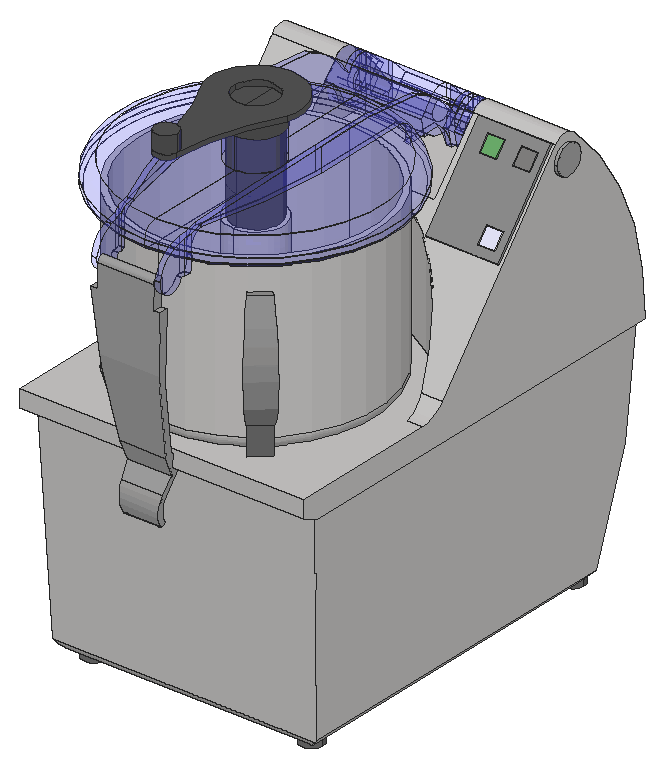
Revit family "QF_ELECTROLUXPROFESSIONAL_600545_K45YVVG", category Specialty Equipment, Revit 2018
Family settings
  Round Connector Dimension = Use Diameter
  Part Type = Normal
  Work Plane-Based = No
  Always vertical = Yes
  Cut with Voids When Loaded = No
  Shared = No
  Room Calculation Point = No
Parameters (values of type "Standard")
  Weight = 22.00 kg
  Watts = 0 W
  Volts = 200 V
  URL Manufacturer = "http://professional.electrolux.com"
  URL = "http://professional.electrolux.com"
  Steam Supply Size = 0 mm
  Steam Supply Minimum Pressure = 0.0 Pa
  Steam Supply Maximum Pressure = 0.0 Pa
  Steam Pounds per Hour = 0
  Refrigeration Suction Line Size = 0.0 mm
  Refrigeration Liquid Line Size = 0.0 mm
  Refrigerant Compressor Remote = yes
  Manufacturer = "Electrolux Professional"
  Phase = 1
  Model = "K45YVVG"
  Length Actual = 256.0 mm  # constant formula
  Item Number = "600545"
  Hot Water Size = 0 mm
  Height Actual = 482.0 mm  # constant formula
  HP = "1.3 HP"
  Gas Size = 0 mm
  Gas KW = 0
  Gas Input Pressure = 0 W
  Direct Waste Size = 0 mm
  Description = "CUTTER-MIXER 4.5L-MICROTOOTHED BLADE-VARIAB.SPEED-1000W-200-240V/1N/50-60 CB APPROVED, UK PLUG SASO"
  Depth Actual = 415.0 mm  # constant formula
  Cycle = 50 Hz
  Condensate Return Size = 0 mm
  Compressed Air Volume = 0.0 L/s
  Compressed Air Size = 0 mm
  Compressed Air Pressure = 0.0 Pa
  Cold Water Size = 0 mm
  Accessory = yes
Reference planes
  plane 1 "Center (Front/Back)": y = 0
  plane 2: z = 0
  plane 3 "Center (Left/Right)": x = 0
  plane 4 "BASE": z = 6
  plane 5 "TOP": z = 685
  plane 6 "FRONT": y = -207.5
  plane 7 "BACK": y = 207.5
  plane 8 "LEFT": x = -128
  plane 9 "RIGHT": x = 128
  plane 10 "CenterX": x = -10
  plane 11 "Maniglia": through (-10, -59.177, 4000) normal (0.766, 0.6428, 0)
  plane 12 "Panel": through (4267.2, 107.252, 388.448) normal (0, 0.766, -0.6428)
  plane 13: z = 470
Forms (mm)
  Extrusion 1, solid, material "QF_Finishes_Stainless Steel"
    sketch origin (0, 0, 0) x (0, 1, 0) y (0, 0, 1)
      loop
        arc (155.897, 6) -> (160.37, 10.596) -> (163.359, 16.27) r 22.417
        arc (163.359, 16.27) -> (192.273, 107.896) -> (201.98, 203.483) r 470.678
        line (201.98, 203.483) -> (-161.42, 203.483)
        arc (-161.42, 203.483) -> (-159.547, 108.877) -> (-151.391, 14.604) r 1423.016
        arc (-151.391, 14.604) -> (-146.603, 8.365) -> (-139.103, 6) r 13.076
        line (-139.103, 6) -> (155.897, 6)
    from -128 to 128
  Extrusion 2, void
    sketch origin (0, -207.5, 0) x (-1, 0, 0) y (0, 0, 1)
      loop
        line (128, 203.483) -> (125, 203.483) -> (119.389, 16.27) -> (109.119, 6) -> (128, 6) -> (128, 203.483)
      loop
        line (-128, 203.483) -> (-128, 6) -> (-109.119, 6) -> (-119.389, 16.27) -> (-125, 203.483) -> (-128, 203.483)
    from 14.374 to 435.947
  Extrusion 3, solid, material "QF_Finishes_Stainless Steel"
    sketch origin (0, 0, 0) x (0, 1, 0) y (0, 0, 1)
      loop
        arc (207.5, 203.483) -> (187.745, 305.45) -> (127.203, 389.844) r 242.898
        arc (127.203, 389.844) -> (116.931, 393.38) -> (107.252, 388.448) r 13.902
        line (107.252, 388.448) -> (-20.106, 236.67)
        arc (-20.106, 236.67) -> (-30.264, 228.875) -> (-42.764, 226.104) r 29.578
        line (-42.764, 226.104) -> (-177.764, 226.104) -> (-177.764, 211.104) -> (-161.42, 203.483) -> (207.5, 203.483)
    from -128 to 128
  Extrusion 4, void
    sketch origin (0, -207.5, 0) x (-1, 0, 0) y (0, 0, 1)
      loop
        line (-53.607, 393.414) -> (-53.607, 336.684) -> (71.073, 336.684) -> (71.073, 393.414) -> (-53.607, 393.414)
    from 255.469 to 415
  Revolve 5, solid, material "QF_Plastic-Black"
    sketch origin (-10, 0, 0) x (0, -1, 0) y (0, 0, 1)
      loop
        line (59.177, 450.527) -> (28.516, 450.527) -> (35.424, 443.619) -> (35.424, 430.527) -> (38.194, 430.527) -> (38.194, 356.104) -> (59.177, 356.104) -> (59.177, 450.527)
      axis (59.177, 356.104) -> (59.177, 450.527)
    angle from 0 to 360
  Extrusion 6, solid, material "QF_Plastic-Black"
    sketch origin (0, 0, 0) x (1, 0, 0) y (0, 1, 0)
      loop
        arc (-48.167, -71.147) -> (-28.951, -114.517) -> (-19.956, -161.093) r 210.055
        arc (-19.956, -161.093) -> (-10, -170.155) -> (-0.044, -161.093) r 10
        arc (-0.044, -161.093) -> (8.951, -114.517) -> (28.167, -71.147) r 210.055
        arc (28.167, -71.147) -> (-10, -19.177) -> (-48.167, -71.147) r 40
    from 450.5 to 455
  Extrusion 7, solid, material "QF_Plastic-Black"
    sketch origin (0, 0, 0) x (1, 0, 0) y (0, 1, 0)
      loop
        circle (-10, -160.155) r 10
    from 455 to 470
  Extrusion 8, void
    sketch origin (0, 0, 0) x (1, 0, 0) y (0, 1, 0)
      loop
        circle (-10, -59.177) r 19
    from 427.6 to 472.8
  Extrusion 9, void
    sketch origin (0, 0, 0) x (1, 0, 0) y (0, 1, 0)
      loop
        arc (115, -59.177) -> (-10, 65.823) -> (-135, -59.177) r 125
        line (-135, -59.177) -> (115, -59.177)
    from 226.104 to 336.684
  Extrusion 10, void
    sketch origin (-20, 0, 0) x (-1, 0, 0) y (0, -1, 0)
      loop
        line (16.15, 177.864) -> (16.15, -123.86) -> (35.771, -123.86) -> (35.771, 48.192)
        arc (35.771, 48.192) -> (30.047, 105.502) -> (17.781, 161.776) r 500.876
        line (17.781, 161.776) -> (17.781, 171.776) -> (16.15, 177.864)
      loop
        line (40.771, -123.86) -> (45.852, -123.86) -> (45.852, 210.681) -> (21.15, 210.681) -> (21.15, 178.522) -> (22.781, 172.434) -> (22.781, 162.459)
        arc (22.781, 162.459) -> (35.047, 105.893) -> (40.771, 48.297) r 505.876
        line (40.771, 48.297) -> (40.771, -123.86)
    from 350.345 to 477.521
  Extrusion 11, solid, material "Glass"
    sketch origin (-20, 0, 0) x (0, 1, 0) y (0, 0, -1)
      loop
        line (-173.064, -369.647) -> (-181.303, -369.647)
        arc (-181.303, -369.647) -> (-196.341, -361.818) -> (-205.451, -376.117) r 12.548
        arc (-205.451, -376.117) -> (-199.87, -388.651) -> (-189.058, -397.099) r 28.357
        arc (-189.058, -397.099) -> (-65.868, -423.241) -> (59.99, -418.888) r 518.061
        arc (59.99, -418.888) -> (85.116, -404.522) -> (104.437, -382.973) r 90.696
        arc (104.437, -382.973) -> (113.885, -392.821) -> (127.203, -389.844) r 13.902
        arc (127.203, -389.844) -> (135.322, -382.188) -> (143.082, -374.167) r 242.898
        line (143.082, -374.167) -> (137.378, -368.464)
        arc (137.378, -368.464) -> (123.613, -353.84) -> (104.088, -358.543) r 20
        line (104.088, -358.543) -> (99.34, -358.543)
        arc (99.34, -358.543) -> (94.194, -371.609) -> (85.823, -382.884) r 53.446
        line (85.823, -382.884) -> (50.823, -382.884)
        arc (50.823, -382.884) -> (52.796, -383.701) -> (53.614, -385.674) r 2.79
        line (53.614, -385.674) -> (53.614, -390.892)
        arc (53.614, -390.892) -> (50.154, -399.244) -> (41.802, -402.703) r 11.812
        line (41.802, -402.703) -> (-160.307, -402.703)
        arc (-160.307, -402.703) -> (-168.659, -399.244) -> (-172.119, -390.892) r 11.812
        line (-172.119, -390.892) -> (-172.119, -385.826)
        arc (-172.119, -385.826) -> (-171.728, -384.361) -> (-170.659, -383.285) r 2.942
        line (-170.659, -383.285) -> (-173.064, -369.647)
      loop
        circle (117.901, -373.007) r 9.416
    from 16.15 to 45.852
  Extrusion 12, solid, material "Glass"
    sketch origin (0, 0, 0) x (0, 1, 0) y (0, 0, 1)
      loop
        line (137.378, 368.464) -> (143.082, 374.167)
        arc (143.082, 374.167) -> (135.322, 382.188) -> (127.203, 389.844) r 242.898
        arc (127.203, 389.844) -> (116.931, 393.38) -> (107.252, 388.448) r 13.902
        line (107.252, 388.448) -> (95.766, 374.76)
        arc (95.766, 374.76) -> (97.862, 366.72) -> (99.34, 358.543) r 108.872
        line (99.34, 358.543) -> (104.088, 358.543)
        arc (104.088, 358.543) -> (123.613, 353.84) -> (137.378, 368.464) r 20
      loop
        circle (117.901, 373.007) r 9.416
    from -71.073 to 53.607
  Extrusion 13, solid, material "QF_Finishes_Gray"
    sketch origin (0, 0, 0) x (0, 1, 0) y (0, 0, 1)
      loop
        arc (-182.273, 168.111) -> (-185.377, 178.111) -> (-182.273, 188.111) r 17.658
        line (-182.273, 188.111) -> (-169.592, 207.294) -> (-177.764, 211.104) -> (-177.764, 222.201) -> (-180.378, 224.815)
        arc (-180.378, 224.815) -> (-194.973, 298.318) -> (-196.805, 373.235) r 437.299
        arc (-196.805, 373.235) -> (-201.296, 377.726) -> (-205.788, 373.235) r 4.491
        arc (-205.788, 373.235) -> (-201.07, 296.739) -> (-185.461, 221.705) r 534.528
        line (-185.461, 221.705) -> (-177.764, 203.503) -> (-186.394, 190.943)
        arc (-186.394, 190.943) -> (-190.377, 178.111) -> (-186.394, 165.28) r 22.658
        arc (-186.394, 165.28) -> (-182.917, 164.635) -> (-182.273, 168.111) r 2.5
    from -49.646 to 27.326
  Extrusion 14, void
    sketch origin (0, -207.5, 0) x (-1, 0, 0) y (0, 0, 1)
      loop
        line (-15.15, 396.938) -> (-47.326, 396.938) -> (-47.326, 161.938) -> (-5.366, 161.938) -> (-20.516, 351.652) -> (-15.15, 351.652) -> (-15.15, 396.938)
      loop
        line (26.963, 161.938) -> (77.918, 161.938) -> (77.918, 396.938) -> (35.15, 396.938) -> (35.15, 351.652) -> (42.113, 351.652) -> (26.963, 161.938)
    from 46.08 to -69.339
  Extrusion 15, solid, material "Glass"
    sketch origin (0, 0, 0) x (0, 1, 0) y (0, 0, 1)
      loop
        line (-173.064, 369.647) -> (-170.659, 383.285)
        arc (-170.659, 383.285) -> (-171.728, 384.361) -> (-172.119, 385.826) r 2.942
        line (-172.119, 385.826) -> (-172.119, 390.892)
        arc (-172.119, 390.892) -> (-168.659, 399.244) -> (-160.307, 402.703) r 11.812
        line (-160.307, 402.703) -> (41.802, 402.703)
        arc (41.802, 402.703) -> (50.154, 399.244) -> (53.614, 390.892) r 11.812
        line (53.614, 390.892) -> (53.614, 385.674)
        arc (53.614, 385.674) -> (52.796, 383.701) -> (50.823, 382.884) r 2.79
        line (50.823, 382.884) -> (85.823, 382.884)
        arc (85.823, 382.884) -> (94.194, 371.609) -> (99.34, 358.543) r 53.446
        line (99.34, 358.543) -> (104.088, 358.543)
        arc (104.088, 358.543) -> (123.613, 353.84) -> (137.378, 368.464) r 20
        line (137.378, 368.464) -> (143.082, 374.167)
        arc (143.082, 374.167) -> (135.322, 382.188) -> (127.203, 389.844) r 242.898
        arc (127.203, 389.844) -> (113.885, 392.821) -> (104.437, 382.973) r 13.902
        arc (104.437, 382.973) -> (85.116, 404.522) -> (59.99, 418.888) r 90.696
        arc (59.99, 418.888) -> (-65.868, 423.241) -> (-189.058, 397.099) r 518.061
        arc (-189.058, 397.099) -> (-199.87, 388.651) -> (-205.451, 376.117) r 28.357
        arc (-205.451, 376.117) -> (-196.341, 361.818) -> (-181.303, 369.647) r 12.548
        line (-181.303, 369.647) -> (-173.064, 369.647)
      loop
        circle (117.901, 373.007) r 9.416
    from 16.15 to 45.852
  Extrusion 16, void
    sketch origin (0, 0, 0) x (1, 0, 0) y (0, 1, 0)
      loop
        line (16.15, -177.864) -> (17.781, -171.776) -> (17.781, -161.776)
        arc (17.781, -161.776) -> (30.047, -105.502) -> (35.771, -48.192) r 500.876
        line (35.771, -48.192) -> (35.771, 123.86) -> (16.15, 123.86) -> (16.15, -177.864)
      loop
        line (40.771, 123.86) -> (40.771, -48.297)
        arc (40.771, -48.297) -> (35.047, -105.893) -> (22.781, -162.459) r 505.876
        line (22.781, -162.459) -> (22.781, -172.434) -> (21.15, -178.522) -> (21.15, -210.681) -> (45.852, -210.681) -> (45.852, 123.86) -> (40.771, 123.86)
    from 350.345 to 477.521
  Revolve 17, solid, material "Glass"
    sketch origin (-10, 0, -40) x (0, -1, 0) y (0, 0, 1)
      loop
        line (38.194, 422.884) -> (38.194, 470.527) -> (35.424, 470.527) -> (35.424, 442.703) -> (-53.802, 442.703)
        arc (-53.802, 442.703) -> (-62.213, 439.268) -> (-65.732, 430.892) r 11.871
        line (-65.732, 430.892) -> (-65.732, 425.793)
        arc (-65.732, 425.793) -> (-64.88, 423.736) -> (-62.823, 422.884) r 2.909
        line (-62.823, 422.884) -> (38.194, 422.884)
      axis (59.177, 422.884) -> (59.177, 470.527)
    angle from 0 to 360
  Revolve 18, solid, material "QF_Metal-Stainless-Polished"
    sketch origin (-10, 0, 0) x (0, -1, 0) y (0, 0, 1)
      loop
        line (169.177, 382.884) -> (164.177, 382.884) -> (164.177, 237.884)
        arc (164.177, 237.884) -> (162.191, 233.09) -> (157.397, 231.104) r 6.78
        line (157.397, 231.104) -> (84.177, 231.104) -> (84.177, 356.104) -> (79.177, 356.104) -> (79.177, 226.104) -> (157.397, 226.104)
        arc (157.397, 226.104) -> (165.726, 229.554) -> (169.177, 237.884) r 11.78
        line (169.177, 237.884) -> (169.177, 382.884)
      axis (59.177, 382.884) -> (59.177, 226.104)
    angle from 0 to 360
  Extrusion 19, solid, material "QF_Plastic-Gray-Matte"
    sketch origin (-49.423, -13.925, 0) x (0.634002, 0.773331, 0) y (-0.773331, 0.634002, 0)
      loop
        line (-55.497, -222.333) -> (-26.468, -227.794) -> (-20.635, -161.119)
        arc (-20.635, -161.119) -> (-28.727, -159.898) -> (-36.729, -158.185) r 133.529
        line (-36.729, -158.185) -> (-55.497, -222.333)
    from 226.104 to 356.104
  Revolve 20, void
    sketch origin (-35.007, -29.374, 0) x (-0.642788, 0.766044, 0) y (0, 0, 1)
      loop
        arc (-155.215, 337.579) -> (-171.344, 302.579) -> (-155.215, 267.579) r 46.04
        line (-155.215, 267.579) -> (-147.754, 267.579) -> (-147.754, 337.579) -> (-155.215, 337.579)
      loop
        line (-155.215, 356.104) -> (-147.754, 356.104) -> (-147.754, 361.761) -> (-215.215, 361.761) -> (-215.215, 226.104) -> (-147.754, 226.104) -> (-147.754, 256.485) -> (-163.93, 256.485)
        arc (-163.93, 256.485) -> (-184.453, 308.471) -> (-155.215, 356.104) r 62.537
      axis (10, 361.761) -> (10, 226.104)
    angle from -8.217 to 8.652
  Extrusion 21, solid, material "QF_Finishes_Rubber Black"
    sketch origin (0, 0, 0) x (1, 0, 0) y (0, 1, 0)
      loop
        arc (57.446, -154.071) -> (64.931, -148.135) -> (72.061, -141.775) r 165.215
        line (72.061, -141.775) -> (66.401, -136.116)
        arc (66.401, -136.116) -> (59.824, -141.977) -> (52.928, -147.46) r 157.215
        line (52.928, -147.46) -> (57.446, -154.071)
    from 226.104 to 256.485
  Extrusion 22, solid, material "QF_Plastic-Gray-Matte"
    sketch origin (0, -128.336, 107.686) x (0, 0.642788, 0.766044) y (1, 0, 0)
      loop
        line (366.07, 59.066) -> (366.07, 124.8) -> (272.743, 124.8) -> (272.743, 59.066) -> (366.07, 59.066)
      loop
        line (356.63, 102.599) -> (356.63, 117.599) -> (341.63, 117.599) -> (341.63, 102.599) -> (356.63, 102.599)
      loop
        line (295.63, 102.599) -> (295.63, 117.599) -> (280.63, 117.599) -> (280.63, 102.599) -> (295.63, 102.599)
      loop
        line (356.63, 72.599) -> (356.63, 87.599) -> (341.63, 87.599) -> (341.63, 72.599) -> (356.63, 72.599)
    from -1 to 0.6
  Extrusion 23, solid, material "QF_Finishes_Red"
    sketch origin (0, -128.336, 107.686) x (0, 0.642788, 0.766044) y (1, 0, 0)
      loop
        line (356.63, 102.599) -> (356.63, 117.599) -> (341.63, 117.599) -> (341.63, 102.599) -> (356.63, 102.599)
    from -1 to 0.6
  Extrusion 24, solid, material "QF_Finishes_Green"
    sketch origin (-27.396, -127.834, 108.284) x (0, 0.642788, 0.766044) y (1, 0, 0)
      loop
        line (355.85, 99.994) -> (355.85, 114.994) -> (340.786, 114.994) -> (340.786, 99.994) -> (355.85, 99.994)
    from -1 to 0.6
  Extrusion 25, solid, material "QF_Plastic-White-Matte"
    sketch origin (0, -167.546, 60.958) x (0, 0.642788, 0.766044) y (1, 0, 0)
      loop
        line (356.63, 102.599) -> (356.63, 117.599) -> (341.63, 117.599) -> (341.63, 102.599) -> (356.63, 102.599)
    from -1 to 0.6
  Extrusion 26, solid, material "QF_Finishes_Stainless Steel"
    sketch origin (0, 207.5, 0) x (-1, 0, 0) y (0, 0, 1)
      loop
        circle (0, 202) r 10.353
    from -6.2 to 3
  Revolve 27, solid, material "QF_Door-Drawer Clearances", detail levels coarse
    sketch origin (-10, -221.856, 479.549) x (0, 0, 1) y (0, 1, 0)
      loop
        line (59.177, 490.527) -> (28.516, 490.527) -> (35.424, 483.619) -> (35.424, 470.527) -> (38.194, 470.527) -> (38.194, 442.703) -> (59.177, 442.703) -> (59.177, 490.527)
      axis (59.177, 442.703) -> (59.177, 490.527)
    angle from 0 to 360
  Extrusion 28, solid, material "QF_Door-Drawer Clearances", detail levels coarse
    sketch origin (0, -221.856, 479.549) x (1, 0, 0) y (0, 0, -1)
      loop
        arc (-48.167, -71.147) -> (-28.951, -114.517) -> (-19.956, -161.093) r 210.055
        arc (-19.956, -161.093) -> (-10, -170.155) -> (-0.044, -161.093) r 10
        arc (-0.044, -161.093) -> (8.951, -114.517) -> (28.167, -71.147) r 210.055
        arc (28.167, -71.147) -> (-10, -19.177) -> (-48.167, -71.147) r 40
    from 490.527 to 495.013
  Extrusion 29, solid, material "QF_Door-Drawer Clearances", detail levels coarse
    sketch origin (0, -221.856, 479.549) x (1, 0, 0) y (0, 0, -1)
      loop
        circle (-10, -160.155) r 10
    from 495.013 to 510.592
  Extrusion 30, void
    sketch origin (-20, -221.856, 479.359) x (-1, 0, 0) y (0, 0, 1)
      loop
        line (16.15, 177.864) -> (16.15, -123.86) -> (35.771, -123.86) -> (35.771, 48.192)
        arc (35.771, 48.192) -> (30.047, 105.502) -> (17.781, 161.776) r 500.876
        line (17.781, 161.776) -> (17.781, 171.776) -> (16.15, 177.864)
      loop
        line (40.771, -123.86) -> (45.852, -123.86) -> (45.852, 210.681) -> (21.15, 210.681) -> (21.15, 178.522) -> (22.781, 172.434) -> (22.781, 162.459)
        arc (22.781, 162.459) -> (35.047, 105.893) -> (40.771, 48.297) r 505.876
        line (40.771, 48.297) -> (40.771, -123.86)
    from 350.345 to 477.521
  Extrusion 31, solid, material "QF_Door-Drawer Clearances", detail levels coarse
    sketch origin (-20, -221.856, 479.359) x (0, 0, -1) y (0, -1, 0)
      loop
        line (-173.064, -409.647) -> (-181.303, -409.647)
        arc (-181.303, -409.647) -> (-196.341, -401.818) -> (-205.451, -416.117) r 12.548
        arc (-205.451, -416.117) -> (-199.87, -428.651) -> (-189.058, -437.099) r 28.357
        arc (-189.058, -437.099) -> (-65.868, -463.241) -> (59.99, -458.888) r 518.061
        arc (59.99, -458.888) -> (92.246, -438.11) -> (113.023, -405.855) r 90.696
        arc (113.023, -405.855) -> (114.903, -399.662) -> (115.972, -393.28) r 50.278
        arc (115.972, -393.28) -> (121.968, -392.806) -> (127.203, -389.844) r 13.902
        arc (127.203, -389.844) -> (129.309, -387.924) -> (131.393, -385.98) r 242.898
        arc (131.393, -385.98) -> (114.739, -373.307) -> (99.238, -359.247) r 242.898
        arc (99.238, -359.247) -> (87.934, -393.903) -> (65.823, -422.884) r 108.872
        line (65.823, -422.884) -> (50.823, -422.884)
        arc (50.823, -422.884) -> (52.796, -423.701) -> (53.614, -425.674) r 2.79
        line (53.614, -425.674) -> (53.614, -430.892)
        arc (53.614, -430.892) -> (50.154, -439.244) -> (41.802, -442.703) r 11.812
        line (41.802, -442.703) -> (-160.307, -442.703)
        arc (-160.307, -442.703) -> (-168.659, -439.244) -> (-172.119, -430.892) r 11.812
        line (-172.119, -430.892) -> (-172.119, -425.826)
        arc (-172.119, -425.826) -> (-171.728, -424.361) -> (-170.659, -423.285) r 2.942
        line (-170.659, -423.285) -> (-173.064, -409.647)
    from 16.15 to 45.852
  Extrusion 32, void
    sketch origin (0, -221.856, 479.359) x (1, 0, 0) y (0, 0, -1)
      loop
        line (16.15, -177.864) -> (17.781, -171.776) -> (17.781, -161.776)
        arc (17.781, -161.776) -> (30.047, -105.502) -> (35.771, -48.192) r 500.876
        line (35.771, -48.192) -> (35.771, 123.86) -> (16.15, 123.86) -> (16.15, -177.864)
      loop
        line (40.771, 123.86) -> (40.771, -48.297)
        arc (40.771, -48.297) -> (35.047, -105.893) -> (22.781, -162.459) r 505.876
        line (22.781, -162.459) -> (22.781, -172.434) -> (21.15, -178.522) -> (21.15, -210.681) -> (45.852, -210.681) -> (45.852, 123.86) -> (40.771, 123.86)
    from 350.345 to 477.521
  Extrusion 33, solid, material "QF_Door-Drawer Clearances", detail levels coarse
    sketch origin (0, -221.856, 479.359) x (0, 0, -1) y (0, 1, 0)
      loop
        line (-173.064, 409.647) -> (-170.659, 423.285)
        arc (-170.659, 423.285) -> (-171.728, 424.361) -> (-172.119, 425.826) r 2.942
        line (-172.119, 425.826) -> (-172.119, 430.892)
        arc (-172.119, 430.892) -> (-168.659, 439.244) -> (-160.307, 442.703) r 11.812
        line (-160.307, 442.703) -> (41.802, 442.703)
        arc (41.802, 442.703) -> (50.154, 439.244) -> (53.614, 430.892) r 11.812
        line (53.614, 430.892) -> (53.614, 425.674)
        arc (53.614, 425.674) -> (52.796, 423.701) -> (50.823, 422.884) r 2.79
        line (50.823, 422.884) -> (65.823, 422.884)
        arc (65.823, 422.884) -> (87.934, 393.903) -> (99.238, 359.247) r 108.872
        arc (99.238, 359.247) -> (114.739, 373.307) -> (131.393, 385.98) r 242.898
        arc (131.393, 385.98) -> (129.309, 387.924) -> (127.203, 389.844) r 242.898
        arc (127.203, 389.844) -> (121.968, 392.806) -> (115.972, 393.28) r 13.902
        arc (115.972, 393.28) -> (114.903, 399.662) -> (113.023, 405.855) r 50.278
        arc (113.023, 405.855) -> (92.246, 438.11) -> (59.99, 458.888) r 90.696
        arc (59.99, 458.888) -> (-65.868, 463.241) -> (-189.058, 437.099) r 518.061
        arc (-189.058, 437.099) -> (-199.87, 428.651) -> (-205.451, 416.117) r 28.357
        arc (-205.451, 416.117) -> (-196.341, 401.818) -> (-181.303, 409.647) r 12.548
        line (-181.303, 409.647) -> (-173.064, 409.647)
    from 16.15 to 45.852
  Revolve 34, solid, material "QF_Door-Drawer Clearances", detail levels coarse
    sketch origin (-10, -221.856, 479.549) x (0, 0, 1) y (0, 1, 0)
      loop
        line (38.194, 422.884) -> (38.194, 470.527) -> (35.424, 470.527) -> (35.424, 442.703) -> (-53.802, 442.703)
        arc (-53.802, 442.703) -> (-62.213, 439.268) -> (-65.732, 430.892) r 11.871
        line (-65.732, 430.892) -> (-65.732, 425.793)
        arc (-65.732, 425.793) -> (-64.88, 423.736) -> (-62.823, 422.884) r 2.909
        line (-62.823, 422.884) -> (38.194, 422.884)
      axis (59.177, 422.884) -> (59.177, 470.527)
    angle from 0 to 360
  Extrusion 35, solid, material "QF_Finishes_Rubber Black"
    sketch origin (0, 0, 0) x (1, 0, 0) y (0, 1, 0)
      loop
        circle (-98.592, 163.359) r 10
      loop
        circle (-98.592, -131.641) r 10
      loop
        circle (98.592, 163.359) r 10
      loop
        circle (98.592, -131.641) r 10
    from 0 to 6
  Extrusion 36, solid, material "QF_Finishes_Gray"
    sketch origin (0, 0, 0) x (0, 1, 0) y (0, 0, 1)
      loop
        circle (117.901, 373.007) r 13.005
    from 131.516 to 128
  Extrusion 37, solid, material "QF_Finishes_Gray"
    sketch origin (0, 0, 0) x (0, 1, 0) y (0, 0, -1)
      loop
        circle (117.901, -373.007) r 13.005
    from 131.516 to 128
Cuts and joins
  Extrusion 2, Extrusion 8, Extrusion 9 cuts Extrusion 1
  Extrusion 4, Extrusion 9 cuts Extrusion 3
  Extrusion 8 cuts Extrusion 6
  Extrusion 10, Extrusion 16, Extrusion 30, Extrusion 32 cuts Extrusion 11
  Extrusion 14, Extrusion 16, Extrusion 30 cuts Extrusion 13
  Extrusion 16, Extrusion 30, Extrusion 32 cuts Extrusion 12
  Extrusion 16 cuts Extrusion 15
  Revolve 20 cuts Extrusion 19
  Extrusion 30 cuts Revolve 17
  Extrusion 30 cuts Revolve 18
  Extrusion 30, Extrusion 32 cuts Extrusion 31
  Extrusion 32 cuts Extrusion 33
Lines and regions (mm)
  symbolic lines
    curve 1: arc (-10, -172.155, 0) -> (3.999, -171.284, 0) -> (17.781, -168.686, 0) r 112.979
    curve 2: arc (-10, -184.085, 0) -> (-23.148, -183.391, 0) -> (-36.15, -181.317, 0) r 124.909
    curve 3: line (128, -157.764, 0) -> (128, 187.57, 0)
    curve 4: line (124.8, 106.204, 0) -> (59.066, 106.204, 0)
    curve 5: line (102.599, 90.494, 0) -> (117.599, 90.494, 0)
    curve 6: line (117.599, 62.151, 0) -> (102.599, 62.151, 0)
    curve 7: line (102.599, 51.284, 0) -> (117.599, 51.284, 0)
    curve 8: line (102.599, 62.151, 0) -> (102.599, 51.284, 0)
    curve 9: line (117.599, 51.284, 0) -> (117.599, 62.151, 0)
    curve 10: line (117.599, 90.494, 0) -> (117.599, 101.361, 0)
    curve 11: line (102.599, 101.361, 0) -> (102.599, 90.494, 0)
    curve 12: arc (-0.044, -161.093, 0) -> (8.951, -114.517, 0) -> (28.167, -71.147, 0) r 210.055
    curve 13: arc (28.167, -71.147, 0) -> (-10, -19.177, 0) -> (-48.167, -71.147, 0) r 40
    curve 14: arc (-48.167, -71.147, 0) -> (-28.951, -114.517, 0) -> (-19.956, -161.093, 0) r 210.055
    curve 15: arc (-19.956, -161.093, 0) -> (-10, -170.155, 0) -> (-0.044, -161.093, 0) r 10
    curve 16: arc (0, -160.155, 0) -> (-10, -150.155, 0) -> (-20, -160.155, 0) r 10
    curve 17: arc (-55.771, -48.192, 0) -> (-50.047, -105.502, 0) -> (-37.781, -161.776, 0) r 500.876
    curve 18: arc (-42.781, -162.459, 0) -> (-55.047, -105.893, 0) -> (-60.771, -48.297, 0) r 505.876
    curve 19: line (-55.771, 123.86, 0) -> (-55.771, -48.192, 0)
    curve 20: line (-60.771, -48.297, 0) -> (-60.771, 123.86, 0)
    curve 21: line (40.771, 123.86, 0) -> (40.771, -48.297, 0)
    curve 22: line (35.771, -48.192, 0) -> (35.771, 123.86, 0)
    curve 23: arc (40.771, -48.297, 0) -> (35.047, -105.893, 0) -> (22.781, -162.459, 0) r 505.876
    curve 24: arc (17.781, -161.776, 0) -> (30.047, -105.502, 0) -> (35.771, -48.192, 0) r 500.876
    curve 25: line (22.781, -162.459, 0) -> (22.781, -172.434, 0)
    curve 26: line (17.781, -171.776, 0) -> (17.781, -161.776, 0)
    curve 27: line (16.15, -177.864, 0) -> (17.781, -171.776, 0)
    curve 28: line (22.781, -172.434, 0) -> (21.15, -178.522, 0)
    curve 29: line (21.15, -178.522, 0) -> (21.15, -205.641, 0)
    curve 30: line (-37.781, -161.776, 0) -> (-37.781, -171.776, 0)
    curve 31: line (-42.781, -172.434, 0) -> (-42.781, -162.459, 0)
    curve 32: line (-41.15, -178.522, 0) -> (-42.781, -172.434, 0)
    curve 33: line (-37.781, -171.776, 0) -> (-36.15, -177.864, 0)
    curve 34: line (-41.15, -205.641, 0) -> (-41.15, -178.522, 0)
    curve 35: spline (22.008, -197.61, 0) -> (21.937, -197.617, 0) -> (21.865, -197.622, 0) -> (21.794, -197.626, 0) -> (21.722, -197.627, 0) -> (21.651, -197.627, 0) -> (21.579, -197.625, 0) -> (21.508, -197.621, 0) -> (21.436, -197.615, 0) -> (21.365, -197.608, 0) -> (21.293, -197.598, 0) -> (21.222, -197.587, 0) -> (21.15, -197.574, 0)
    curve 36: line (-71.073, 171.51, 0) -> (53.607, 171.51, 0)
    curve 37: line (59.066, 46.214, 0) -> (124.8, 46.214, 0)
    curve 38: line (59.066, 106.204, 0) -> (59.066, 46.214, 0)
    curve 39: line (124.8, 46.214, 0) -> (124.8, 107.429, 0)
    curve 40: line (53.607, 48.324, 0) -> (53.607, 171.51, 0)
    curve 41: line (-71.073, 171.51, 0) -> (-71.073, 49.783, 0)
    curve 42: arc (40.771, 54.948, 0) -> (114.476, -69.566, 0) -> (21.15, -180.138, 0) r 124.909
    curve 43: arc (-60.771, 41.751, 0) -> (-122.562, -68.863, 0) -> (-42.781, -167.295, 0) r 112.979
    curve 44: line (93.154, -162.392, 0) -> (78.293, -147.531, 0)
    curve 45: line (93.154, -162.392, 0) -> (74.048, -178.424, 0)
    curve 46: line (74.048, -178.424, 0) -> (61.96, -161.274, 0)
    curve 47: arc (-37.781, -168.686, 0) -> (-23.999, -171.284, 0) -> (-10, -172.155, 0) r 112.979
    curve 48: arc (-41.15, -180.138, 0) -> (-94.625, -151.05, 0) -> (-128, -100.142, 0) r 124.909
    curve 49: arc (22.781, -167.295, 0) -> (102.562, -68.863, 0) -> (40.771, 41.751, 0) r 112.979
    curve 50: arc (16.15, -181.317, 0) -> (3.148, -183.391, 0) -> (-10, -184.085, 0) r 124.909
    curve 51: line (16.15, -205.242, 0) -> (16.15, -177.864, 0)
    curve 52: line (-36.15, -205.641, 0) -> (-36.15, -177.864, 0)
    curve 53: line (-41.15, -205.641, 0) -> (21.15, -205.641, 0)
    curve 54: line (22.008, -205.53, 0) -> (22.008, -197.61, 0)
    curve 55: line (22.008, -205.53, 0) -> (21.15, -205.53, 0)
    curve 56: spline (-42.008, -197.61, 0) -> (-41.937, -197.617, 0) -> (-41.865, -197.622, 0) -> (-41.794, -197.626, 0) -> (-41.722, -197.627, 0) -> (-41.651, -197.627, 0) -> (-41.579, -197.625, 0) -> (-41.508, -197.621, 0) -> (-41.436, -197.615, 0) -> (-41.365, -197.608, 0) -> (-41.293, -197.598, 0) -> (-41.222, -197.587, 0) -> (-41.15, -197.574, 0)
    curve 57: line (-42.008, -205.53, 0) -> (-42.008, -197.61, 0)
    curve 58: line (-42.008, -205.53, 0) -> (-41.15, -205.53, 0)
    curve 59: arc (-128, -18.211, 0) -> (-101.973, 25.34, 0) -> (-60.771, 54.948, 0) r 124.909
    curve 60: arc (-128, -100.142, 0) -> (-134.909, -59.177, 0) -> (-128, -18.211, 0) r 124.909
    curve 61: line (-108, -177.764, 0) -> (-49.233, -177.764, 0)
    curve 62: line (-128, 187.57, 0) -> (-128, -17.764, 0)
    curve 63: line (29.233, -177.764, 0) -> (108, -177.764, 0)
    curve 64: line (-128, -97.764, 0) -> (-128, -157.764, 0)
    curve 65: line (-108, 207.57, 0) -> (108, 207.57, 0)
    curve 66: arc (-128, -157.764, 0) -> (-122.142, -171.906, 0) -> (-108, -177.764, 0) r 20
    curve 67: arc (108, -177.764, 0) -> (122.142, -171.906, 0) -> (128, -157.764, 0) r 20
    curve 68: arc (128, 187.57, 0) -> (122.142, 201.713, 0) -> (108, 207.57, 0) r 20
    curve 69: arc (-108, 207.57, 0) -> (-122.142, 201.713, 0) -> (-128, 187.57, 0) r 20
    curve 70: line (45.852, 123.86, 0) -> (-71.073, 123.86, 0)
    curve 71: line (45.852, 137.378, 0) -> (-65.852, 137.378, 0)
    curve 72: line (45.852, 143.082, 0) -> (-65.852, 143.082, 0)
    curve 73: line (53.607, 123.86, 0) -> (45.852, 123.86, 0)
    curve 74: line (45.852, 123.86, 0) -> (45.852, 170.216, 0)
    curve 75: line (45.852, 170.216, 0) -> (-65.852, 170.216, 0)
    curve 76: line (-65.852, 170.216, 0) -> (-65.852, 123.86, 0)
    curve 77: line (102.599, 101.361, 0) -> (117.599, 101.361, 0)
    curve 78: line (72.599, 90.494, 0) -> (87.599, 90.494, 0)
    curve 79: line (87.599, 90.494, 0) -> (87.599, 101.361, 0)
    curve 80: line (72.599, 101.361, 0) -> (72.599, 90.494, 0)
    curve 81: line (72.599, 101.361, 0) -> (87.599, 101.361, 0)
Dimensions and locks
  plane 4 "BASE" to level = 6.0 mm
  plane 5 "TOP" to level = 685.0 mm  (x2)
  plane 8 "LEFT" to plane 3 "Center (Left/Right)" to plane 9 "RIGHT" = 128.0 mm, 128.0 mm
  plane 7 "BACK" to plane 1 "Center (Front/Back)" to plane 6 "FRONT" = 207.5 mm, 207.5 mm
  plane 7 "BACK" to plane 6 "FRONT" = 415.0 mm
  plane 8 "LEFT" to plane 9 "RIGHT" = 256.0 mm
  plane 10 "CenterX" to plane 3 "Center (Left/Right)" = 10.0 mm
  plane 13 to level = 470.0 mm
  aligned and locked: level to plane 2
  aligned and locked: Extrusion 22 sketch curve to Extrusion 23
Connectors
  electrical at (0, 210.5, 202)
    settings: on Extrusion 26, index 1, voltage 0 V, apparent load 0 VA, apparent load phase1 0 VA, apparent load phase2 0 VA, apparent load phase3 0 VA, power factor 1, load classification "Other", number of poles 1, system type 30, power factor state 1, is connector primary yes, connector utility no, sub classification motor no, connector description "Electrical connection"
